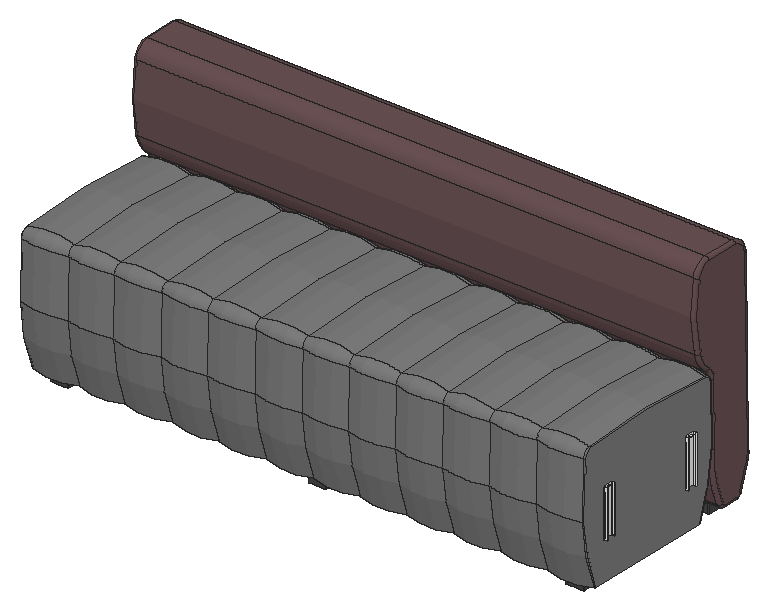
Revit family "Chair-Soft_Seating-Allermuir-Haven_Bench-HAB300BELH", category Furniture, Revit 2012
Parameters (values of type "HAB300BELH")
  ecoScorecard_data = "http://thesenatorgroup.ecoscorecard.com/product/HAB300BELH"
  ecoScorecard Product Page = "http://products.ecoscorecard.com/allermuir/HAB300BELH?action=html"
  Width = 0' - 0"
  Weight = 0.0 lbf
  Upholstered Seat = "No"
  Upholstered Back = "No"
  URL = "http://www.allermuir.net/Default.aspx"
  Subcategory = "Soft Seating"  # constant formula
  Stacks = no
  Specifications URL = ""
  Side Bracket = Metal - Allermuir - Chrome - Polished
  Seat or Top = Fabric - Allermuir - Silcoates
  Product Page URL = "http://www.allermuir.net/Products.aspx?RangeId=495"
  Product Line = "Haven Bench"  # constant formula
  Pricing URL = ""
  Plugin Data URL = "http://products.ecoscorecard.com/thesenatorgroup/HAB300BELH"
  Plastic Arms in Black = "No"
  Model = "HAB300BELH"  # constant formula
  Manufacturer Phone - Toll Free = "(888) 887 5806"  # constant formula
  Manufacturer Phone = "(419) 887 5806"  # constant formula
  Manufacturer Fax = "(419) 887 5805"  # constant formula
  Manufacturer Email = "mailto:contact@allermuir-na.com"
  Manufacturer Address = "1630 Holland Road, Maumee, Ohio 43537 "  # constant formula
  Manufacturer = "Allermuir"  # constant formula
  LEED Stats URL = ""
  Height = 0' - 0"
  Fabric Spec Sheets = "http://www.allermuir.net/Services/File.ashx?Type=B&Id=51"
  Description = ""
  Depth = 0' - 0"
  Color Availability = "See price list for material options"  # constant formula
  CAD Blocks URL = ""
  Brochure URL = ""
  Base = Plastic - Allermuir - Black
  Back = Fabric - Allermuir - Upholstery - Velvet - Red
  Assembly Code = "E2020200"
  95 CSI = "12510"  # constant formula
  04 CSI = "12 51 00"  # constant formula
Reference planes
  plane 1 "Center Front/Back": y = 0
  plane 2: z = 0
  plane 3 "Center Left/Right": x = 0
  plane 4: y = 359.331
  plane 5: y = -323.637
  plane 6: z = 780.256
  plane 7: x = -912.479
  plane 8: x = 912.479
Dimensions and locks
  plane 4 to plane 5 = 2' - 2.88848"
  plane 6 to level = 2' - 6 23/32"  (x2)
  equal spacing: plane 7, plane 3 "Center Left/Right", plane 8
  plane 7 to plane 8 = 5' - 11.8487"
  aligned and locked: plane 3 "Center Left/Right" to nested 1
  aligned and locked: nested 1 to plane 4
  aligned and locked: plane 3 "Center Left/Right" to nested 2
  aligned and locked: plane 5 to nested 2
Nested families
  nested 1: "Back-Rest-HAB300BELH" at (0, 10.081, 0), type "HAB300BELH"
  nested 2: "HAB300BELH" at (0, -58.341, 0), type "HAB300BELH"
Definition of nested family "Back-Rest-HAB300BELH"
  Parameters (values of type "HAB300BELH")
    URL = ""
    Stand = Plastic - Allermuir - Black
    Model = ""
    Manufacturer = ""
    Description = ""
    Back Rest = Fabric - Allermuir - Upholstery - Velvet - Red
    Assembly Code = ""
  Reference planes
    plane 1 "Center Front/Back": y = 0
    plane 2: z = 0
    plane 3 "Center Left/Right": x = 0
    plane 4: z = 780.309
    plane 5: x = 726.514
    plane 6: x = -683.734
    plane 7: y = 349.25
    plane 8: y = -336.55
  Forms (mm)
    Sweep 1, solid, material "Fabric - Allermuir - Upholstery - Velvet - Red" <- "Back Rest"
      path origin (0, 0, 0) x (0, 1, 0) y (0, 0, 1)
        loop
          arc (287.786, 777.021) -> (233.759, 779.501) -> (179.717, 777.382) r 635.833
          arc (179.717, 777.382) -> (149.801, 764.438) -> (133.91, 735.977) r 50.8
          arc (133.91, 735.977) -> (124.881, 624.919) -> (138.426, 514.322) r 549.847
          arc (138.426, 514.322) -> (151.944, 480.888) -> (175.34, 453.444) r 112.578
          arc (175.34, 453.444) -> (187.228, 438.729) -> (192.908, 420.684) r 50.8
          arc (192.908, 420.684) -> (199.489, 321.271) -> (195.803, 221.708) r 966.766
          arc (195.803, 221.708) -> (199.73, 131.593) -> (227.054, 45.631) r 342.39
          arc (227.054, 45.631) -> (235.405, 35.683) -> (247.583, 31.165) r 25.4
          arc (247.583, 31.165) -> (270.869, 30.009) -> (294.161, 31.049) r 247.493
          arc (294.161, 31.049) -> (306.956, 35.934) -> (315.355, 46.754) r 25.4
          arc (315.355, 46.754) -> (330.686, 88.951) -> (342.72, 132.205) r 582.2
          arc (342.72, 132.205) -> (344.554, 142.103) -> (345.4, 152.134) r 101.6
          arc (345.4, 152.134) -> (347.534, 441.313) -> (333.961, 730.181) r 5322.758
          arc (333.961, 730.181) -> (319.477, 762.083) -> (287.786, 777.021) r 50.8
      profile origin (0, 233.759, 779.501) x (0, -0.003339, -0.999994) y (1, 0, 0)
        loop
          arc (-0.428, -889.595) -> (2.623, -896.962) -> (9.99, -900.013) r 10.418
          line (9.99, -900.013) -> (12.7, -900.013) -> (12.7, 900.013) -> (9.99, 900.013)
          arc (9.99, 900.013) -> (2.623, 896.962) -> (-0.428, 889.595) r 10.418
          line (-0.428, 889.595) -> (-0.428, -889.595)
    Extrusion 2, solid, material "Fabric - Allermuir - Upholstery - Velvet - Red" <- "Back Rest"
      sketch origin (747.457, 231.636, 143.672) x (0, 0.088309, 0.996093) y (0, -0.996093, 0.088309)
        loop
          arc (580.167, 137.007) -> (471.319, 136.212) -> (364.867, 113.49) r 537.147
          arc (364.867, 113.49) -> (336.38, 98.924) -> (313.96, 76.099) r 99.878
          arc (313.96, 76.099) -> (296.95, 59.672) -> (275.109, 50.608) r 63.5
          arc (275.109, 50.608) -> (175.372, 35.073) -> (74.565, 29.885) r 979.466
          arc (74.565, 29.885) -> (-11.534, 18.455) -> (-91.661, -15.062) r 329.69
          arc (-91.661, -15.062) -> (-96.247, -19.661) -> (-97.959, -25.925) r 12.7
          arc (-97.959, -25.925) -> (-97.101, -48.027) -> (-94.167, -69.95) r 234.793
          arc (-94.167, -69.95) -> (-91.169, -76.107) -> (-85.409, -79.812) r 12.7
          arc (-85.409, -79.812) -> (-42.969, -91.105) -> (0.214, -99.094) r 569.5
          arc (0.214, -99.094) -> (8.983, -99.928) -> (17.792, -99.89) r 88.9
          arc (17.792, -99.89) -> (305.342, -76.535) -> (591.199, -37.598) r 5310.058
          arc (591.199, -37.598) -> (614.072, -24.665) -> (623.133, 0) r 38.1
          arc (623.133, 0) -> (620.879, 52.956) -> (614.133, 105.528) r 623.133
          arc (614.133, 105.528) -> (602.481, 127.02) -> (580.167, 137.007) r 38.1
      from -1647.471 to 152.556
  Cuts and joins
    joined: Sweep 1, Extrusion 2
  Lines and regions (mm)
    symbolic lines, style "Sofa"
      curve 1: line (-889.89, 124.351, 0) -> (890.234, 124.351, 0)
      curve 2: line (-889.66, 349.027, 0) -> (889.56, 349.027, 0)
      curve 3: line (899.967, 134.084, 0) -> (899.967, 338.62, 0)
      curve 4: line (-899.995, 134.456, 0) -> (-899.995, 338.691, 0)
      curve 5: arc (-899.995, 338.691, 0) -> (-896.968, 345.999, 0) -> (-889.66, 349.027, 0) r 10.336
      curve 6: arc (-899.995, 134.456, 0) -> (-897.036, 127.31, 0) -> (-889.89, 124.351, 0) r 10.105
      curve 7: arc (890.234, 124.351, 0) -> (897.116, 127.201, 0) -> (899.967, 134.084, 0) r 9.733
      curve 8: arc (899.967, 338.62, 0) -> (896.919, 345.979, 0) -> (889.56, 349.027, 0) r 10.407
  Dimensions and locks
    plane 4 to level = 2' - 6.72084"
    plane 6 to plane 5 = 4' - 7.5216"
    plane 8 to plane 7 = 2' - 3"
    aligned and locked: Sweep 1 to Extrusion 2
    aligned and locked: Extrusion 2 to Sweep 1
  Nested families
    nested 1: "Leg" at (-823.888, 271.649, 0), type "PSM102"
    nested 2: "Leg" at (0, 272.214, 0), type "PSM102"
    nested 3: "Leg" at (822.454, 272.414, 0), type "PSM102"
  Definition of nested family "Leg"
    Parameters (values of type "PSM102")
      URL = ""
      Stand = none
      Stacks = no
      Model = ""
      Manufacturer = ""
      Description = ""
      Assembly Code = "E2020200"
    Reference planes
      plane 1 "Center Front/Back": y = 0
      plane 2: z = 0
      plane 3 "Center Left/Right": x = 0
      plane 4: z = 30
      plane 5: through (42.717, 1524.892, 1219.2) normal (1, -0.0075, 0)
      plane 6: through (-1525.181, 42.166, 1219.2) normal (0.0075, 1, 0)
      plane 7: through (-19.17, 1524.892, 1219.2) normal (1, -0.0075, 0)
      plane 8: through (-1525.181, -19.721, 1219.2) normal (0.0075, 1, 0)
    Forms (mm)
      Blend 1, solid, material <- "Stand"
        base sketch origin (0, 0, 0) x (1, 0, 0) y (0, 1, 0)
          loop
            arc (-26.682, 29.891) -> (-28.652, 29.092) -> (-29.481, 27.133) r 2.778
            line (-29.481, 27.133) -> (-29.891, -27.235)
            arc (-29.891, -27.235) -> (-29.092, -29.205) -> (-27.133, -30.034) r 2.778
            line (-27.133, -30.034) -> (27.235, -30.444)
            arc (27.235, -30.444) -> (29.205, -29.645) -> (30.034, -27.687) r 2.778
            line (30.034, -27.687) -> (30.444, 26.682)
            arc (30.444, 26.682) -> (29.645, 28.652) -> (27.687, 29.481) r 2.778
            line (27.687, 29.481) -> (-26.682, 29.891)
        top sketch origin (0, 0, 0) x (1, 0, 0) y (0, 1, 0)
          loop
            arc (31.431, 27.654) -> (30.632, 29.625) -> (28.674, 30.453) r 2.778
            line (28.674, 30.453) -> (-27.654, 30.878)
            arc (-27.654, 30.878) -> (-29.625, 30.079) -> (-30.453, 28.121) r 2.778
            line (-30.453, 28.121) -> (-30.878, -28.207)
            arc (-30.878, -28.207) -> (-30.079, -30.178) -> (-28.121, -31.006) r 2.778
            line (-28.121, -31.006) -> (28.207, -31.431)
            arc (28.207, -31.431) -> (30.178, -30.632) -> (31.006, -28.674) r 2.778
            line (31.006, -28.674) -> (31.431, 27.654)
        from 0 to 30
    Dimensions and locks
      locked: plane 7 to plane 5 at 61.886
      locked: plane 6 to plane 8 at 61.886
      locked: plane 4 to level at 30
Definition of nested family "HAB300BELH"
  Parameters (values of type "HAB300BELH")
    URL = "http://www.allermuir.net/Default.aspx"
    Stand = Plastic - Allermuir - Black
    Side Stand = Metal - Allermuir - Chrome - Polished
    Seat = Fabric - Allermuir - Silcoates
    Model = "HAB100"
    Manufacturer = "Allermuir"  # constant formula
    Description = ""
    Assembly Code = "E2020200"
  Reference planes
    plane 1 "Center Front/Back": y = 0
    plane 2: z = 0
    plane 3 "Center Left/Right": x = 0
    plane 4: y = 278.492
    plane 5: y = -265.296
    plane 6: z = 466.328
    plane 7: x = -899.878
    plane 8: x = 899.878
  Forms (mm)
    Sweep 1, solid, material "Fabric - Allermuir - Silcoates" <- "Seat"
      path origin (0, 0, 0) x (0, 1, 0) y (0, 0, 1)
        loop
          arc (228.945, 24.408) -> (262.215, 126.767) -> (276.965, 233.381) r 609.6
          arc (276.965, 233.381) -> (278.479, 325.472) -> (273.982, 417.465) r 1411.053
          arc (273.982, 417.465) -> (262.719, 442.368) -> (238.222, 454.489) r 40.603
          arc (238.222, 454.489) -> (7.264, 468.236) -> (-223.765, 455.728) r 2038.86
          arc (-223.765, 455.728) -> (-248.079, 443.981) -> (-259.64, 419.577) r 40.58
          arc (-259.64, 419.577) -> (-265.536, 328.435) -> (-264.387, 237.109) r 1183.48
          arc (-264.387, 237.109) -> (-249.246, 128.613) -> (-215.454, 24.408) r 627.008
      profile origin (0, 7.264, 468.236) x (0, -0.002682, -0.999996) y (1, 0, 0)
        loop
          arc (13.094, -747.478) -> (2.01, -822.435) -> (13.359, -897.353) r 255.942
          arc (13.359, -897.353) -> (14.723, -899.276) -> (16.962, -900.013) r 3.77
          line (16.962, -900.013) -> (18.056, -900.013) -> (18.056, 900.013) -> (16.964, 900.013)
          arc (16.964, 900.013) -> (14.725, 899.276) -> (13.361, 897.353) r 3.77
          arc (13.361, 897.353) -> (2.01, 822.436) -> (13.092, 747.478) r 255.942
          arc (13.092, 747.478) -> (2.009, 672.942) -> (13.113, 598.41) r 255.942
          arc (13.113, 598.41) -> (2.01, 523.394) -> (13.375, 448.417) r 255.942
          arc (13.375, 448.417) -> (2.01, 373.433) -> (13.117, 298.411) r 255.942
          arc (13.117, 298.411) -> (2.01, 223.387) -> (13.376, 148.403) r 255.942
          arc (13.376, 148.403) -> (2.013, 74.256) -> (12.634, 0) r 255.942
          arc (12.634, 0) -> (2.026, -75.93) -> (14.383, -151.596) r 255.942
          arc (14.383, -151.596) -> (2.037, -226.43) -> (12.165, -301.596) r 255.942
          arc (12.165, -301.596) -> (2.037, -376.765) -> (14.384, -451.601) r 255.942
          arc (14.384, -451.601) -> (2.038, -526.433) -> (12.163, -601.598) r 255.942
          arc (12.163, -601.598) -> (2.015, -674.606) -> (13.094, -747.478) r 255.942
    Extrusion 2, solid, material "Fabric - Allermuir - Silcoates" <- "Seat"
      sketch origin (0, 0, 0) x (0, 1, 0) y (0, 0, 1)
        loop
          line (-198.21, 30) -> (211.698, 30)
          arc (211.698, 30) -> (244.436, 130.024) -> (258.93, 234.267) r 591.544
          arc (258.93, 234.267) -> (260.425, 325.179) -> (255.986, 415.995) r 1392.996
          arc (255.986, 415.995) -> (249.731, 429.823) -> (236.128, 436.554) r 22.547
          arc (236.128, 436.554) -> (7.216, 450.18) -> (-221.767, 437.783) r 2020.803
          arc (-221.767, 437.783) -> (-235.263, 431.263) -> (-241.679, 417.717) r 22.524
          arc (-241.679, 417.717) -> (-247.486, 327.965) -> (-246.354, 238.033) r 1165.423
          arc (-246.354, 238.033) -> (-231.472, 131.89) -> (-198.21, 30) r 608.951
      from -900.013 to 900.013
    Extrusion 3, solid, material "Metal - Allermuir - Chrome - Polished" <- "Side Stand"
      sketch origin (0, -42.069, 0) x (1, 0, 0) y (0, 1, 0)
        loop
          line (912.476, -128.241) -> (911.702, -126.956) -> (905.741, -130.546)
          arc (905.741, -130.546) -> (905.36, -130.619) -> (905.023, -130.425) r 0.559
          line (905.023, -130.425) -> (901.784, -126.538)
          arc (901.784, -126.538) -> (901.579, -126.181) -> (901.508, -125.775) r 1.191
          line (901.508, -125.775) -> (901.508, -99.694)
          arc (901.508, -99.694) -> (901.577, -99.299) -> (901.777, -98.951) r 1.161
          line (901.777, -98.951) -> (905.003, -95.08)
          arc (905.003, -95.08) -> (905.362, -94.874) -> (905.768, -94.951) r 0.595
          line (905.768, -94.951) -> (911.702, -98.524) -> (912.476, -97.24) -> (906.387, -93.573)
          arc (906.387, -93.573) -> (905.101, -93.329) -> (903.967, -93.981) r 1.885
          line (903.967, -93.981) -> (900.467, -98.18)
          arc (900.467, -98.18) -> (900.143, -98.745) -> (900.03, -99.387) r 1.885
          line (900.03, -99.387) -> (900.03, -126.094)
          arc (900.03, -126.094) -> (900.143, -126.735) -> (900.467, -127.301) r 1.885
          line (900.467, -127.301) -> (903.94, -131.469)
          arc (903.94, -131.469) -> (905.103, -132.137) -> (906.42, -131.887) r 1.931
          line (906.42, -131.887) -> (912.476, -128.241)
      from 156.239 to 306.239
    Extrusion 4, solid, material "Metal - Allermuir - Chrome - Polished" <- "Side Stand"
      sketch origin (0, -42.069, 0) x (1, 0, 0) y (0, 1, 0)
        loop
          line (901.508, -118.736) -> (910.5, -118.736) -> (910.5, -106.765) -> (901.508, -106.765) -> (901.508, -118.736)
      from 304.739 to 306.239
    Extrusion 5, solid, material "Metal - Allermuir - Chrome - Polished" <- "Side Stand"
      sketch origin (0, 58.142, 0) x (1, 0, 0) y (0, 1, 0)
        loop
          line (912.476, 128.241) -> (906.42, 131.887)
          arc (906.42, 131.887) -> (905.103, 132.137) -> (903.94, 131.469) r 1.931
          line (903.94, 131.469) -> (900.467, 127.301)
          arc (900.467, 127.301) -> (900.143, 126.735) -> (900.03, 126.094) r 1.885
          line (900.03, 126.094) -> (900.03, 99.387)
          arc (900.03, 99.387) -> (900.143, 98.745) -> (900.467, 98.18) r 1.885
          line (900.467, 98.18) -> (903.967, 93.981)
          arc (903.967, 93.981) -> (905.101, 93.329) -> (906.387, 93.573) r 1.885
          line (906.387, 93.573) -> (912.476, 97.24) -> (911.702, 98.524) -> (905.768, 94.951)
          arc (905.768, 94.951) -> (905.362, 94.874) -> (905.003, 95.08) r 0.595
          line (905.003, 95.08) -> (901.777, 98.951)
          arc (901.777, 98.951) -> (901.577, 99.299) -> (901.508, 99.694) r 1.161
          line (901.508, 99.694) -> (901.508, 125.775)
          arc (901.508, 125.775) -> (901.579, 126.181) -> (901.784, 126.538) r 1.191
          line (901.784, 126.538) -> (905.023, 130.425)
          arc (905.023, 130.425) -> (905.36, 130.619) -> (905.741, 130.546) r 0.559
          line (905.741, 130.546) -> (911.702, 126.956) -> (912.476, 128.241)
      from 156.239 to 306.239
    Extrusion 6, solid, material "Metal - Allermuir - Chrome - Polished" <- "Side Stand"
      sketch origin (0, 58.142, 0) x (1, 0, 0) y (0, 1, 0)
        loop
          line (901.508, 118.736) -> (901.508, 106.765) -> (910.5, 106.765) -> (910.5, 118.736) -> (901.508, 118.736)
      from 304.739 to 306.239
  Cuts and joins
    joined: Sweep 1, Extrusion 2
  Lines and regions (mm)
    symbolic lines, style "Sofa"
      curve 1: line (-900.013, 205.053, 0) -> (-900.013, -249.24, 0)
      curve 2: line (-747.478, -252.843, 0) -> (-747.478, 192.685, 0)
      curve 3: line (-601.598, -253.773, 0) -> (-601.598, 192.685, 0)
      curve 4: line (-451.601, -251.552, 0) -> (-451.601, 192.685, 0)
      curve 5: line (-301.596, -253.771, 0) -> (-301.596, 192.685, 0)
      curve 6: line (-151.596, -251.555, 0) -> (-151.596, 192.685, 0)
      curve 7: line (0, -253.302, 0) -> (0, 192.685, 0)
      curve 8: line (148.403, -253.302, 0) -> (148.403, 192.685, 0)
      curve 9: line (298.411, -253.302, 0) -> (298.411, 192.685, 0)
      curve 10: line (448.417, -252.561, 0) -> (448.417, 192.685, 0)
      curve 11: line (598.41, -252.561, 0) -> (598.41, 192.685, 0)
      curve 12: line (747.478, -252.561, 0) -> (747.478, 192.685, 0)
      curve 13: line (900.013, -249.268, 0) -> (900.013, 205.053, 0)
      curve 14: arc (-897.686, -252.405, 0) -> (-822.615, -263.973, 0) -> (-747.478, -252.843, 0) r 254.182
      curve 15: arc (-747.478, -252.843, 0) -> (-674.606, -264.036, 0) -> (-601.598, -253.773, 0) r 253.34
      curve 16: arc (-601.598, -253.773, 0) -> (-526.433, -263.914, 0) -> (-451.601, -251.552, 0) r 255.616
      curve 17: arc (-451.601, -251.552, 0) -> (-376.765, -263.903, 0) -> (-301.596, -253.771, 0) r 255.86
      curve 18: arc (-301.596, -253.771, 0) -> (-226.43, -263.867, 0) -> (-151.596, -251.555, 0) r 256.661
      curve 19: arc (-151.596, -251.555, 0) -> (-75.931, -264.019, 0) -> (0, -253.302, 0) r 253.668
      curve 20: arc (0, -253.302, 0) -> (74.201, -263.916, 0) -> (148.403, -253.302, 0) r 264.672
      curve 21: arc (148.403, -253.302, 0) -> (223.407, -263.846, 0) -> (298.411, -253.302, 0) r 272.047
      curve 22: arc (298.411, -253.302, 0) -> (373.469, -264.209, 0) -> (448.417, -252.561, 0) r 255.052
      curve 23: arc (448.417, -252.561, 0) -> (523.413, -263.577, 0) -> (598.41, -252.561, 0) r 260.807
      curve 24: arc (598.41, -252.561, 0) -> (672.944, -264.024, 0) -> (747.478, -252.561, 0) r 248.049
      curve 25: arc (747.478, -252.561, 0) -> (822.659, -263.878, 0) -> (897.798, -252.285, 0) r 252.315
      curve 26: arc (897.798, -252.285, 0) -> (899.4, -251.139, 0) -> (900.013, -249.268, 0) r 3.163
      curve 27: arc (-900.013, -249.24, 0) -> (-899.369, -251.204, 0) -> (-897.686, -252.405, 0) r 3.317
  Dimensions and locks
    plane 4 to plane 5 = 1' - 9.40899"
    plane 6 to level = 1' - 6 23/64"
    locked: plane 7 to plane 8 at 1799.755
    aligned and locked: plane 3 "Center Left/Right" to nested 2
    aligned and locked: plane 3 "Center Left/Right" to nested 5
    aligned and locked: nested 1 to level
    aligned and locked: nested 2 to level
    aligned and locked: nested 4 to plane 2
    aligned and locked: nested 3 to plane 2
    aligned and locked: nested 5 to plane 2
    aligned and locked: nested 6 to plane 2
    aligned and locked: Extrusion 2 sketch curve to Sweep 1  (x7)
  Nested families
    nested 1: "Leg" at (-824.583, 174.511, 0), type "PSM102"
    nested 2: "Leg" at (0, 174.511, 0), type "PSM102"
    nested 3: "Leg" at (-824.118, -158.14, 0), type "PSM102"
    nested 4: "Leg" at (823.175, 174.511, 0), type "PSM102"
    nested 5: "Leg" at (0, -158.14, 0), type "PSM102"
    nested 6: "Leg" at (823.528, -158.934, 0), type "PSM102"
  Definition of nested family "Leg"
    Parameters (values of type "PSM102")
      URL = ""
      Stand = none
      Stacks = no
      Model = ""
      Manufacturer = ""
      Description = ""
      Assembly Code = "E2020200"
    Reference planes
      plane 1 "Center Front/Back": y = 0
      plane 2: z = 0
      plane 3 "Center Left/Right": x = 0
      plane 4: z = 30
      plane 5: through (42.717, 1524.892, 1219.2) normal (1, -0.0075, 0)
      plane 6: through (-1525.181, 42.166, 1219.2) normal (0.0075, 1, 0)
      plane 7: through (-19.17, 1524.892, 1219.2) normal (1, -0.0075, 0)
      plane 8: through (-1525.181, -19.721, 1219.2) normal (0.0075, 1, 0)
    Forms (mm)
      Blend 1, solid, material <- "Stand"
        base sketch origin (0, 0, 0) x (1, 0, 0) y (0, 1, 0)
          loop
            arc (-26.682, 29.891) -> (-28.652, 29.092) -> (-29.481, 27.133) r 2.778
            line (-29.481, 27.133) -> (-29.891, -27.235)
            arc (-29.891, -27.235) -> (-29.092, -29.205) -> (-27.133, -30.034) r 2.778
            line (-27.133, -30.034) -> (27.235, -30.444)
            arc (27.235, -30.444) -> (29.205, -29.645) -> (30.034, -27.687) r 2.778
            line (30.034, -27.687) -> (30.444, 26.682)
            arc (30.444, 26.682) -> (29.645, 28.652) -> (27.687, 29.481) r 2.778
            line (27.687, 29.481) -> (-26.682, 29.891)
        top sketch origin (0, 0, 0) x (1, 0, 0) y (0, 1, 0)
          loop
            arc (31.431, 27.654) -> (30.632, 29.625) -> (28.674, 30.453) r 2.778
            line (28.674, 30.453) -> (-27.654, 30.878)
            arc (-27.654, 30.878) -> (-29.625, 30.079) -> (-30.453, 28.121) r 2.778
            line (-30.453, 28.121) -> (-30.878, -28.207)
            arc (-30.878, -28.207) -> (-30.079, -30.178) -> (-28.121, -31.006) r 2.778
            line (-28.121, -31.006) -> (28.207, -31.431)
            arc (28.207, -31.431) -> (30.178, -30.632) -> (31.006, -28.674) r 2.778
            line (31.006, -28.674) -> (31.431, 27.654)
        from 0 to 30
    Dimensions and locks
      locked: plane 7 to plane 5 at 61.886
      locked: plane 6 to plane 8 at 61.886
      locked: plane 4 to level at 30
